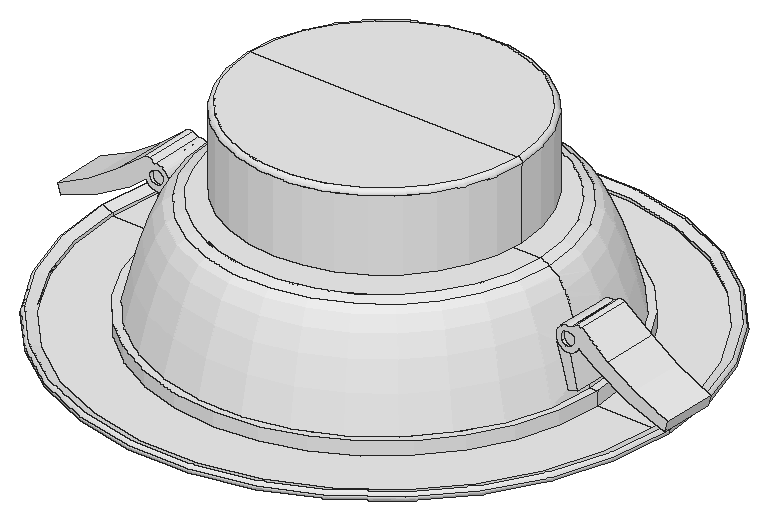
Revit family "Radian NEW 15", category Осветительные приборы, Revit 2017
Family settings
  Основа = Потолок
  Размер круглого соединителя = Использовать диаметр
  Тип детали = Нормальный
  Номер OmniClass = 23.80.70.11
  Заголовок OmniClass = Luminaries for Internal Lighting
  Всегда вертикально = Да
  При загрузке вырезать с полостями = Нет
  Источник света = Да
  Общий = Нет
  Точка расчета площади = Нет
Parameters (values of type "Radian NEW 15-10-Д-3.0К")
  Wattage = 5.74922 W
  built-in parameter 1150110 = 1 (stored number, unit not read)
  built-in parameter 1114217 = 1 (stored number, unit not read)
  Tilt Angle = 90.00°
  built-in parameter 1150109 = 1 (stored number, unit not read)
  built-in parameter 1150134 = (empty or 0)
  built-in parameter 1150113 = 1 (stored number, unit not read)
  Файл фотометрической сетки = "Radian NEW 15-10-D-3.0K-03.ies"
  built-in parameter 1150142 = "IESNA:LM-63-1995\r\n[TEST]LEDEL\r\n[DATA]28.10.2017\r\n[MANUFAC]LEDEL\r\n[LUMCAT]Radian NEW 15/10/Д/3.0К/03 \r\n[LUMINAIRE]Для освещения офисных и жилых помещений, а также  декоративной подсветки\r\n[LAMPCAT]LED\r\n[LAMP]SEOUL \r\nTILT=NONE\r\n\r\n1 854 1.0035252643948 37 19 1 2  -0.190  -0.190  0.063\r\n\r\n1 1 10\r\n\r\n 0 2.5 5 7.5 10 12.5 15 17.5 20 22.5 25 27.5 30 32.5 35 37.5 40 42.5 45 47.5 50 52.5 55 57.5 60 62.5 65 67.5 70 72.5 75 77.5 80 82.5\r\n 85 87.5 90\r\n\r\n  0 10 20 30 40 50 60 70 80 90 100 110 120 130 140 150 160 170 180\r\n\r\n  351 351 350 347 344 339 333 327 319 310 301 291 280 269 257\r\n  244 231 218 204 190 177 163 150 136 123 110 98 86 73 62\r\n  50 39 28 19 11 5 3\r\n  352 352 350 348 344 339 334 327 320 311 302 292 281 270 258\r\n  246 233 219 207 192 179 165 152 138 125 112 100 87 75 63\r\n  51 40 29 19 11 6 3\r\n  351 351 350 347 344 339 333 327 319 310 302 292 281 269 257\r\n  244 231 218 204 190 177 163 150 137 124 111 98 86 73 61\r\n  50 38 28 19 11 6 2\r\n  351 351 350 347 344 339 333 327 319 310 301 291 280 269 257\r\n  244 231 218 204 190 177 163 150 136 123 110 98 86 73 62\r\n  50 39 28 19 11 5 3\r\n  351 351 350 347 344 339 334 327 319 310 300 291 280 268 256\r\n  244 231 217 204 190 176 163 149 136 123 110 97 84 72 60\r\n  49 37 27 18 10 4 2\r\n  350 350 349 347 343 339 333 327 319 311 301 291 279 268 255\r\n  243 229 216 202 189 175 161 149 135 123 110 97 85 72 60\r\n  49 38 28 18 11 5 2\r\n  351 351 349 347 343 339 333 326 318 309 300 288 278 266 254\r\n  241 228 215 202 188 174 160 148 134 121 109 96 84 72 60\r\n  48 37 27 18 11 4 2\r\n  349 349 348 346 342 337 332 325 317 309 299 288 278 266 253\r\n  241 227 214 201 187 173 160 147 134 121 108 95 83 71 59\r\n  48 36 26 17 9 4 2\r\n  349 349 347 345 341 336 330 324 316 307 297 287 275 262 250\r\n  237 223 209 197 184 170 157 144 131 119 106 94 82 69 57\r\n  46 35 26 16 9 4 2\r\n  350 350 347 345 341 336 330 323 315 306 296 286 275 262 250\r\n  237 224 210 197 184 170 157 144 131 118 106 93 80 68 56\r\n  45 34 25 15 8 4 2\r\n  349 349 346 343 339 334 328 320 313 303 294 283 272 260 247\r\n  235 222 208 195 181 167 154 140 127 114 101 89 76 65 53\r\n  42 31 21 13 7 3 3\r\n  349 348 346 343 339 334 327 321 313 303 294 283 272 260 247\r\n  235 222 208 194 180 166 153 139 127 114 101 89 77 65 53\r\n  42 31 22 14 7 4 3\r\n  351 350 349 345 341 336 330 322 314 305 295 284 272 260 248\r\n  236 222 209 195 181 167 153 139 126 113 100 88 75 63 51\r\n  40 30 20 12 6 4 2\r\n  350 349 347 344 340 334 328 320 312 304 293 283 272 260 247\r\n  234 221 208 194 180 166 152 138 125 112 99 87 74 62 51\r\n  39 29 19 11 6 4 3\r\n  351 351 349 345 341 335 329 321 313 303 293 282 271 258 246\r\n  233 219 206 193 179 166 152 139 126 113 99 87 75 63 51\r\n  40 30 20 12 6 3 2\r\n  351 350 348 345 341 335 329 322 313 304 294 283 272 259 247\r\n  234 221 207 194 180 166 151 139 125 112 99 87 75 63 51\r\n  40 30 20 12 6 4 2\r\n  351 351 349 346 341 336 330 322 314 305 295 284 272 261 248\r\n  235 222 209 196 182 168 155 141 127 114 101 88 75 63 51\r\n  40 29 20 12 6 3 3\r\n  352 351 349 345 340 335 329 322 313 304 294 283 272 260 248\r\n  235 222 209 195 181 167 153 140 126 113 100 87 75 63 52\r\n  40 30 20 12 6 4 3\r\n  351 350 348 345 341 335 329 322 313 304 294 283 272 259 247\r\n  234 221 207 194 180 166 151 139 125 112 99 87 75 63 51\r\n  40 30 20 12 6 4 2\r\n\r\n"
  Lumens = 854 lm
  built-in parameter 1150115 = 1 (stored number, unit not read)
  built-in parameter 1150105 = 67.959 (stored number, unit not read)
  built-in parameter 1150137 = (empty or 0)
  built-in parameter 1150139 = (empty or 0)
  built-in parameter 1150112 = 1 (stored number, unit not read)
  built-in parameter 1150114 = 1 (stored number, unit not read)
  built-in parameter 1150132 = 2
  Комментарии к типоразмеру = "Бытовые"
  built-in parameter 1150102 = (empty or 0)
  built-in parameter 1150138 = (empty or 0)
  built-in parameter 1150107 = 3000 (stored number, unit not read)
  built-in parameter 1150106 = 0.67959 (stored number, unit not read)
  Emit from Circle Diameter = 134.00 mm  # constant formula
  Изготовитель = "LEDEL"
  Emit Shape Visible in Rendering = yes
  built-in parameter 1150104 = 13.8 (stored number, unit not read)
  Dimming Lamp Color Temperature Shift = (empty or 0)
  Color Filter = 16777215
  built-in parameter 1114218 = 1 (stored number, unit not read)
  built-in parameter 1150133 = 10 (stored number, unit not read)
  Apparent Load = 10 VA
  Артикул = "203201000833400"
Types (4, lengths in mm): name | built-in parameter 1150134 | Файл фотометрической сетки | built-in parameter 1150142 | built-in parameter 1150107 | Артикул
  (no name) | (empty or 0) | "Radian NEW 15-10-D-3.0K-03.ies" | "IESNA:LM-63-1995\r\n[TEST]LEDEL\r\n[DATA]28.10.2017\r\n[MANUFAC]LEDEL\r\n[LUMCAT]Radian NEW 15/10/Д/3.0К/03 \r\n[LUMINAIRE]Для освещения офисных и жилых помещений, а также  декоративной подсветки\r\n[LAMPCAT]LED\r\n[LAMP]SEOUL \r\nTILT=NONE\r\n\r\n1 854 1.0035252643948 37 19 1 2  -0.190  -0.190  0.063\r\n\r\n1 1 10\r\n\r\n 0 2.5 5 7.5 10 12.5 15 17.5 20 22.5 25 27.5 30 32.5 35 37.5 40 42.5 45 47.5 50 52.5 55 57.5 60 62.5 65 67.5 70 72.5 75 77.5 80 82.5\r\n 85 87.5 90\r\n\r\n  0 10 20 30 40 50 60 70 80 90 100 110 120 130 140 150 160 170 180\r\n\r\n  351 351 350 347 344 339 333 327 319 310 301 291 280 269 257\r\n  244 231 218 204 190 177 163 150 136 123 110 98 86 73 62\r\n  50 39 28 19 11 5 3\r\n  352 352 350 348 344 339 334 327 320 311 302 292 281 270 258\r\n  246 233 219 207 192 179 165 152 138 125 112 100 87 75 63\r\n  51 40 29 19 11 6 3\r\n  351 351 350 347 344 339 333 327 319 310 302 292 281 269 257\r\n  244 231 218 204 190 177 163 150 137 124 111 98 86 73 61\r\n  50 38 28 19 11 6 2\r\n  351 351 350 347 344 339 333 327 319 310 301 291 280 269 257\r\n  244 231 218 204 190 177 163 150 136 123 110 98 86 73 62\r\n  50 39 28 19 11 5 3\r\n  351 351 350 347 344 339 334 327 319 310 300 291 280 268 256\r\n  244 231 217 204 190 176 163 149 136 123 110 97 84 72 60\r\n  49 37 27 18 10 4 2\r\n  350 350 349 347 343 339 333 327 319 311 301 291 279 268 255\r\n  243 229 216 202 189 175 161 149 135 123 110 97 85 72 60\r\n  49 38 28 18 11 5 2\r\n  351 351 349 347 343 339 333 326 318 309 300 288 278 266 254\r\n  241 228 215 202 188 174 160 148 134 121 109 96 84 72 60\r\n  48 37 27 18 11 4 2\r\n  349 349 348 346 342 337 332 325 317 309 299 288 278 266 253\r\n  241 227 214 201 187 173 160 147 134 121 108 95 83 71 59\r\n  48 36 26 17 9 4 2\r\n  349 349 347 345 341 336 330 324 316 307 297 287 275 262 250\r\n  237 223 209 197 184 170 157 144 131 119 106 94 82 69 57\r\n  46 35 26 16 9 4 2\r\n  350 350 347 345 341 336 330 323 315 306 296 286 275 262 250\r\n  237 224 210 197 184 170 157 144 131 118 106 93 80 68 56\r\n  45 34 25 15 8 4 2\r\n  349 349 346 343 339 334 328 320 313 303 294 283 272 260 247\r\n  235 222 208 195 181 167 154 140 127 114 101 89 76 65 53\r\n  42 31 21 13 7 3 3\r\n  349 348 346 343 339 334 327 321 313 303 294 283 272 260 247\r\n  235 222 208 194 180 166 153 139 127 114 101 89 77 65 53\r\n  42 31 22 14 7 4 3\r\n  351 350 349 345 341 336 330 322 314 305 295 284 272 260 248\r\n  236 222 209 195 181 167 153 139 126 113 100 88 75 63 51\r\n  40 30 20 12 6 4 2\r\n  350 349 347 344 340 334 328 320 312 304 293 283 272 260 247\r\n  234 221 208 194 180 166 152 138 125 112 99 87 74 62 51\r\n  39 29 19 11 6 4 3\r\n  351 351 349 345 341 335 329 321 313 303 293 282 271 258 246\r\n  233 219 206 193 179 166 152 139 126 113 99 87 75 63 51\r\n  40 30 20 12 6 3 2\r\n  351 350 348 345 341 335 329 322 313 304 294 283 272 259 247\r\n  234 221 207 194 180 166 151 139 125 112 99 87 75 63 51\r\n  40 30 20 12 6 4 2\r\n  351 351 349 346 341 336 330 322 314 305 295 284 272 261 248\r\n  235 222 209 196 182 168 155 141 127 114 101 88 75 63 51\r\n  40 29 20 12 6 3 3\r\n  352 351 349 345 340 335 329 322 313 304 294 283 272 260 248\r\n  235 222 209 195 181 167 153 140 126 113 100 87 75 63 52\r\n  40 30 20 12 6 4 3\r\n  351 350 348 345 341 335 329 322 313 304 294 283 272 259 247\r\n  234 221 207 194 180 166 151 139 125 112 99 87 75 63 51\r\n  40 30 20 12 6 4 2\r\n\r\n" | 3000 (stored number, unit not read) | "203201000833400"
  Radian NEW 15-10-Д-3.0К | (empty or 0) | "Radian NEW 15-10-D-3.0K-03.ies" | "IESNA:LM-63-1995\r\n[TEST]LEDEL\r\n[DATA]28.10.2017\r\n[MANUFAC]LEDEL\r\n[LUMCAT]Radian NEW 15/10/Д/3.0К/03 \r\n[LUMINAIRE]Для освещения офисных и жилых помещений, а также  декоративной подсветки\r\n[LAMPCAT]LED\r\n[LAMP]SEOUL \r\nTILT=NONE\r\n\r\n1 854 1.0035252643948 37 19 1 2  -0.190  -0.190  0.063\r\n\r\n1 1 10\r\n\r\n 0 2.5 5 7.5 10 12.5 15 17.5 20 22.5 25 27.5 30 32.5 35 37.5 40 42.5 45 47.5 50 52.5 55 57.5 60 62.5 65 67.5 70 72.5 75 77.5 80 82.5\r\n 85 87.5 90\r\n\r\n  0 10 20 30 40 50 60 70 80 90 100 110 120 130 140 150 160 170 180\r\n\r\n  351 351 350 347 344 339 333 327 319 310 301 291 280 269 257\r\n  244 231 218 204 190 177 163 150 136 123 110 98 86 73 62\r\n  50 39 28 19 11 5 3\r\n  352 352 350 348 344 339 334 327 320 311 302 292 281 270 258\r\n  246 233 219 207 192 179 165 152 138 125 112 100 87 75 63\r\n  51 40 29 19 11 6 3\r\n  351 351 350 347 344 339 333 327 319 310 302 292 281 269 257\r\n  244 231 218 204 190 177 163 150 137 124 111 98 86 73 61\r\n  50 38 28 19 11 6 2\r\n  351 351 350 347 344 339 333 327 319 310 301 291 280 269 257\r\n  244 231 218 204 190 177 163 150 136 123 110 98 86 73 62\r\n  50 39 28 19 11 5 3\r\n  351 351 350 347 344 339 334 327 319 310 300 291 280 268 256\r\n  244 231 217 204 190 176 163 149 136 123 110 97 84 72 60\r\n  49 37 27 18 10 4 2\r\n  350 350 349 347 343 339 333 327 319 311 301 291 279 268 255\r\n  243 229 216 202 189 175 161 149 135 123 110 97 85 72 60\r\n  49 38 28 18 11 5 2\r\n  351 351 349 347 343 339 333 326 318 309 300 288 278 266 254\r\n  241 228 215 202 188 174 160 148 134 121 109 96 84 72 60\r\n  48 37 27 18 11 4 2\r\n  349 349 348 346 342 337 332 325 317 309 299 288 278 266 253\r\n  241 227 214 201 187 173 160 147 134 121 108 95 83 71 59\r\n  48 36 26 17 9 4 2\r\n  349 349 347 345 341 336 330 324 316 307 297 287 275 262 250\r\n  237 223 209 197 184 170 157 144 131 119 106 94 82 69 57\r\n  46 35 26 16 9 4 2\r\n  350 350 347 345 341 336 330 323 315 306 296 286 275 262 250\r\n  237 224 210 197 184 170 157 144 131 118 106 93 80 68 56\r\n  45 34 25 15 8 4 2\r\n  349 349 346 343 339 334 328 320 313 303 294 283 272 260 247\r\n  235 222 208 195 181 167 154 140 127 114 101 89 76 65 53\r\n  42 31 21 13 7 3 3\r\n  349 348 346 343 339 334 327 321 313 303 294 283 272 260 247\r\n  235 222 208 194 180 166 153 139 127 114 101 89 77 65 53\r\n  42 31 22 14 7 4 3\r\n  351 350 349 345 341 336 330 322 314 305 295 284 272 260 248\r\n  236 222 209 195 181 167 153 139 126 113 100 88 75 63 51\r\n  40 30 20 12 6 4 2\r\n  350 349 347 344 340 334 328 320 312 304 293 283 272 260 247\r\n  234 221 208 194 180 166 152 138 125 112 99 87 74 62 51\r\n  39 29 19 11 6 4 3\r\n  351 351 349 345 341 335 329 321 313 303 293 282 271 258 246\r\n  233 219 206 193 179 166 152 139 126 113 99 87 75 63 51\r\n  40 30 20 12 6 3 2\r\n  351 350 348 345 341 335 329 322 313 304 294 283 272 259 247\r\n  234 221 207 194 180 166 151 139 125 112 99 87 75 63 51\r\n  40 30 20 12 6 4 2\r\n  351 351 349 346 341 336 330 322 314 305 295 284 272 261 248\r\n  235 222 209 196 182 168 155 141 127 114 101 88 75 63 51\r\n  40 29 20 12 6 3 3\r\n  352 351 349 345 340 335 329 322 313 304 294 283 272 260 248\r\n  235 222 209 195 181 167 153 140 126 113 100 87 75 63 52\r\n  40 30 20 12 6 4 3\r\n  351 350 348 345 341 335 329 322 313 304 294 283 272 259 247\r\n  234 221 207 194 180 166 151 139 125 112 99 87 75 63 51\r\n  40 30 20 12 6 4 2\r\n\r\n" | 3000 (stored number, unit not read) | "203201000833400"
  Radian NEW 15-10-Д-5.0К | 2 | "Radian NEW 15-10-D-5.0K-03.ies" | "IESNA:LM-63-1995\r\n[TEST]LEDEL\r\n[DATA]28.10.2017\r\n[MANUFAC]LEDEL\r\n[LUMCAT]Radian NEW 15/10/Д/5.0К/03 \r\n[LUMINAIRE]Для освещения офисных и жилых помещений, а также  декоративной подсветки\r\n[LAMPCAT]LED\r\n[LAMP]SEOUL \r\nTILT=NONE\r\n\r\n1 854 1.0035252643948 37 19 1 2  -0.190  -0.190  0.063\r\n\r\n1 1 10\r\n\r\n 0 2.5 5 7.5 10 12.5 15 17.5 20 22.5 25 27.5 30 32.5 35 37.5 40 42.5 45 47.5 50 52.5 55 57.5 60 62.5 65 67.5 70 72.5 75 77.5 80 82.5\r\n 85 87.5 90\r\n\r\n  0 10 20 30 40 50 60 70 80 90 100 110 120 130 140 150 160 170 180\r\n\r\n  351 351 350 347 344 339 333 327 319 310 301 291 280 269 257\r\n  244 231 218 204 190 177 163 150 136 123 110 98 86 73 62\r\n  50 39 28 19 11 5 3\r\n  352 352 350 348 344 339 334 327 320 311 302 292 281 270 258\r\n  246 233 219 207 192 179 165 152 138 125 112 100 87 75 63\r\n  51 40 29 19 11 6 3\r\n  351 351 350 347 344 339 333 327 319 310 302 292 281 269 257\r\n  244 231 218 204 190 177 163 150 137 124 111 98 86 73 61\r\n  50 38 28 19 11 6 2\r\n  351 351 350 347 344 339 333 327 319 310 301 291 280 269 257\r\n  244 231 218 204 190 177 163 150 136 123 110 98 86 73 62\r\n  50 39 28 19 11 5 3\r\n  351 351 350 347 344 339 334 327 319 310 300 291 280 268 256\r\n  244 231 217 204 190 176 163 149 136 123 110 97 84 72 60\r\n  49 37 27 18 10 4 2\r\n  350 350 349 347 343 339 333 327 319 311 301 291 279 268 255\r\n  243 229 216 202 189 175 161 149 135 123 110 97 85 72 60\r\n  49 38 28 18 11 5 2\r\n  351 351 349 347 343 339 333 326 318 309 300 288 278 266 254\r\n  241 228 215 202 188 174 160 148 134 121 109 96 84 72 60\r\n  48 37 27 18 11 4 2\r\n  349 349 348 346 342 337 332 325 317 309 299 288 278 266 253\r\n  241 227 214 201 187 173 160 147 134 121 108 95 83 71 59\r\n  48 36 26 17 9 4 2\r\n  349 349 347 345 341 336 330 324 316 307 297 287 275 262 250\r\n  237 223 209 197 184 170 157 144 131 119 106 94 82 69 57\r\n  46 35 26 16 9 4 2\r\n  350 350 347 345 341 336 330 323 315 306 296 286 275 262 250\r\n  237 224 210 197 184 170 157 144 131 118 106 93 80 68 56\r\n  45 34 25 15 8 4 2\r\n  349 349 346 343 339 334 328 320 313 303 294 283 272 260 247\r\n  235 222 208 195 181 167 154 140 127 114 101 89 76 65 53\r\n  42 31 21 13 7 3 3\r\n  349 348 346 343 339 334 327 321 313 303 294 283 272 260 247\r\n  235 222 208 194 180 166 153 139 127 114 101 89 77 65 53\r\n  42 31 22 14 7 4 3\r\n  351 350 349 345 341 336 330 322 314 305 295 284 272 260 248\r\n  236 222 209 195 181 167 153 139 126 113 100 88 75 63 51\r\n  40 30 20 12 6 4 2\r\n  350 349 347 344 340 334 328 320 312 304 293 283 272 260 247\r\n  234 221 208 194 180 166 152 138 125 112 99 87 74 62 51\r\n  39 29 19 11 6 4 3\r\n  351 351 349 345 341 335 329 321 313 303 293 282 271 258 246\r\n  233 219 206 193 179 166 152 139 126 113 99 87 75 63 51\r\n  40 30 20 12 6 3 2\r\n  351 350 348 345 341 335 329 322 313 304 294 283 272 259 247\r\n  234 221 207 194 180 166 151 139 125 112 99 87 75 63 51\r\n  40 30 20 12 6 4 2\r\n  351 351 349 346 341 336 330 322 314 305 295 284 272 261 248\r\n  235 222 209 196 182 168 155 141 127 114 101 88 75 63 51\r\n  40 29 20 12 6 3 3\r\n  352 351 349 345 340 335 329 322 313 304 294 283 272 260 248\r\n  235 222 209 195 181 167 153 140 126 113 100 87 75 63 52\r\n  40 30 20 12 6 4 3\r\n  351 350 348 345 341 335 329 322 313 304 294 283 272 259 247\r\n  234 221 207 194 180 166 151 139 125 112 99 87 75 63 51\r\n  40 30 20 12 6 4 2\r\n\r\n" | 5000 (stored number, unit not read) | "203110"
  Radian NEW 15-10-Д-4.0К | 12 | "Radian NEW 15-10-D-4.0K-03.ies" | "IESNA:LM-63-1995\r\n[TEST]LEDEL\r\n[DATA]28.10.2017\r\n[MANUFAC]LEDEL\r\n[LUMCAT]Radian NEW 15/10/Д/4.0К/03 \r\n[LUMINAIRE]Для освещения офисных и жилых помещений, а также  декоративной подсветки\r\n[LAMPCAT]LED\r\n[LAMP]SEOUL \r\nTILT=NONE\r\n\r\n1 854 1.0035252643948 37 19 1 2  -0.190  -0.190  0.063\r\n\r\n1 1 10\r\n\r\n 0 2.5 5 7.5 10 12.5 15 17.5 20 22.5 25 27.5 30 32.5 35 37.5 40 42.5 45 47.5 50 52.5 55 57.5 60 62.5 65 67.5 70 72.5 75 77.5 80 82.5\r\n 85 87.5 90\r\n\r\n  0 10 20 30 40 50 60 70 80 90 100 110 120 130 140 150 160 170 180\r\n\r\n  351 351 350 347 344 339 333 327 319 310 301 291 280 269 257\r\n  244 231 218 204 190 177 163 150 136 123 110 98 86 73 62\r\n  50 39 28 19 11 5 3\r\n  352 352 350 348 344 339 334 327 320 311 302 292 281 270 258\r\n  246 233 219 207 192 179 165 152 138 125 112 100 87 75 63\r\n  51 40 29 19 11 6 3\r\n  351 351 350 347 344 339 333 327 319 310 302 292 281 269 257\r\n  244 231 218 204 190 177 163 150 137 124 111 98 86 73 61\r\n  50 38 28 19 11 6 2\r\n  351 351 350 347 344 339 333 327 319 310 301 291 280 269 257\r\n  244 231 218 204 190 177 163 150 136 123 110 98 86 73 62\r\n  50 39 28 19 11 5 3\r\n  351 351 350 347 344 339 334 327 319 310 300 291 280 268 256\r\n  244 231 217 204 190 176 163 149 136 123 110 97 84 72 60\r\n  49 37 27 18 10 4 2\r\n  350 350 349 347 343 339 333 327 319 311 301 291 279 268 255\r\n  243 229 216 202 189 175 161 149 135 123 110 97 85 72 60\r\n  49 38 28 18 11 5 2\r\n  351 351 349 347 343 339 333 326 318 309 300 288 278 266 254\r\n  241 228 215 202 188 174 160 148 134 121 109 96 84 72 60\r\n  48 37 27 18 11 4 2\r\n  349 349 348 346 342 337 332 325 317 309 299 288 278 266 253\r\n  241 227 214 201 187 173 160 147 134 121 108 95 83 71 59\r\n  48 36 26 17 9 4 2\r\n  349 349 347 345 341 336 330 324 316 307 297 287 275 262 250\r\n  237 223 209 197 184 170 157 144 131 119 106 94 82 69 57\r\n  46 35 26 16 9 4 2\r\n  350 350 347 345 341 336 330 323 315 306 296 286 275 262 250\r\n  237 224 210 197 184 170 157 144 131 118 106 93 80 68 56\r\n  45 34 25 15 8 4 2\r\n  349 349 346 343 339 334 328 320 313 303 294 283 272 260 247\r\n  235 222 208 195 181 167 154 140 127 114 101 89 76 65 53\r\n  42 31 21 13 7 3 3\r\n  349 348 346 343 339 334 327 321 313 303 294 283 272 260 247\r\n  235 222 208 194 180 166 153 139 127 114 101 89 77 65 53\r\n  42 31 22 14 7 4 3\r\n  351 350 349 345 341 336 330 322 314 305 295 284 272 260 248\r\n  236 222 209 195 181 167 153 139 126 113 100 88 75 63 51\r\n  40 30 20 12 6 4 2\r\n  350 349 347 344 340 334 328 320 312 304 293 283 272 260 247\r\n  234 221 208 194 180 166 152 138 125 112 99 87 74 62 51\r\n  39 29 19 11 6 4 3\r\n  351 351 349 345 341 335 329 321 313 303 293 282 271 258 246\r\n  233 219 206 193 179 166 152 139 126 113 99 87 75 63 51\r\n  40 30 20 12 6 3 2\r\n  351 350 348 345 341 335 329 322 313 304 294 283 272 259 247\r\n  234 221 207 194 180 166 151 139 125 112 99 87 75 63 51\r\n  40 30 20 12 6 4 2\r\n  351 351 349 346 341 336 330 322 314 305 295 284 272 261 248\r\n  235 222 209 196 182 168 155 141 127 114 101 88 75 63 51\r\n  40 29 20 12 6 3 3\r\n  352 351 349 345 340 335 329 322 313 304 294 283 272 260 248\r\n  235 222 209 195 181 167 153 140 126 113 100 87 75 63 52\r\n  40 30 20 12 6 4 3\r\n  351 350 348 345 341 335 329 322 313 304 294 283 272 259 247\r\n  234 221 207 194 180 166 151 139 125 112 99 87 75 63 51\r\n  40 30 20 12 6 4 2\r\n\r\n" | 4000 (stored number, unit not read) | "203201000843400"
Reference planes
  plane 1 "Light Source Axis (F/B)": y = 0
  plane 2 "Ceiling": z = 2438.4
  plane 3 "Light Source Axis (L/R)": x = 0
  plane 4 "Light Source Elevation": z = 2435.047
Forms (mm)
  Revolve 1, solid, material "Aluminum"
    sketch origin (0, 0, -2.5) x (1, 0, 0) y (0, 0, 1)
      loop
        line (0, 2437.547) -> (0, 2505.604) -> (-44.405, 2505.604)
        arc (-44.405, 2505.604) -> (-45.466, 2505.165) -> (-45.905, 2504.104) r 1.5
        line (-45.905, 2504.104) -> (-45.905, 2480.604) -> (-40.205, 2480.604) -> (-40.205, 2478.11) -> (-51.905, 2478.11) -> (-55.1, 2476.947)
        spline (-55.1, 2476.947) -> (-56.111, 2476.48) -> (-57.141, 2475.614) -> (-58.191, 2474.35) -> (-59.259, 2472.687) -> (-60.347, 2470.627) -> (-61.454, 2468.167) -> (-62.581, 2465.31) -> (-63.726, 2462.054) -> (-64.891, 2458.4) -> (-66.075, 2454.347) -> (-67.278, 2449.897) -> (-68.5, 2445.047)
        line (-68.5, 2445.047) -> (-71, 2445.047) -> (-71, 2440.747) -> (-90.454, 2440.747) -> (-90.454, 2441.547) -> (-93.5, 2442.747)
        spline (-93.5, 2442.747) -> (-93.59, 2442.772) -> (-93.68, 2442.776) -> (-93.771, 2442.758) -> (-93.862, 2442.72) -> (-93.953, 2442.66) -> (-94.045, 2442.579) -> (-94.137, 2442.476) -> (-94.229, 2442.353) -> (-94.321, 2442.208) -> (-94.414, 2442.043) -> (-94.507, 2441.856) -> (-94.6, 2441.647)
        arc (-94.6, 2441.647) -> (-94.603, 2440.9) -> (-94.1, 2440.347) r 1.03
        line (-94.1, 2440.347) -> (-90.8, 2439.047) -> (-76.177, 2437.547) -> (0, 2437.547)
      axis (0, 2437.547) -> (0, 2505.604)
    angle from 0 to 360
  Extrusion 2, solid, material "Aluminum"
    sketch origin (-540.812, 0, 45.525) x (0.978148, 0, -0.207912) y (0.207912, 0, 0.978148)
      loop
        line (-30.633, 2445.776) -> (-30.633, 2459.237) -> (-36.789, 2459.237) -> (-36.789, 2461.283)
        arc (-36.789, 2461.283) -> (-43.111, 2463.245) -> (-39.336, 2457.808) r 3.5
        line (-39.336, 2457.808) -> (-39.336, 2445.776) -> (-30.633, 2445.776)
    from -8 to 8
  Extrusion 3, solid, material "Aluminum"
    sketch origin (-28.089, 0, 0.225) x (1, 0, 0) y (0, 0, 1)
      loop
        arc (-43.944, 2459.231) -> (-36.784, 2459.181) -> (-41.055, 2464.928) r 4
        line (-41.055, 2464.928) -> (-42.879, 2465.847)
        arc (-42.879, 2465.847) -> (-43.809, 2466.023) -> (-44.692, 2465.68) r 1.718
        line (-44.692, 2465.68) -> (-53.625, 2458.885)
        spline (-53.625, 2458.885) -> (-55.051, 2457.828) -> (-56.516, 2456.797) -> (-58.022, 2455.79) -> (-59.568, 2454.808) -> (-61.154, 2453.851) -> (-62.781, 2452.919) -> (-64.449, 2452.012) -> (-66.157, 2451.131) -> (-67.906, 2450.274) -> (-69.695, 2449.443) -> (-71.526, 2448.637) -> (-73.397, 2447.856)
        line (-73.397, 2447.856) -> (-72.289, 2444.498)
        spline (-72.289, 2444.498) -> (-70.155, 2445.189) -> (-68.061, 2445.915) -> (-66.007, 2446.677) -> (-63.994, 2447.473) -> (-62.022, 2448.304) -> (-60.09, 2449.171) -> (-58.199, 2450.072) -> (-56.349, 2451.009) -> (-54.541, 2451.981) -> (-52.773, 2452.989) -> (-51.047, 2454.032) -> (-49.362, 2455.11)
        line (-49.362, 2455.11) -> (-43.944, 2459.231)
      loop
        circle (-40.352, 2460.99) r 2.3
    from -9 to 9
  Extrusion 4, solid, material "Aluminum"
    sketch origin (540.812, 0, 45.525) x (-0.978148, 0, -0.207912) y (0.207912, 0, -0.978148)
      loop
        line (-30.633, -2445.776) -> (-39.336, -2445.776) -> (-39.336, -2457.808)
        arc (-39.336, -2457.808) -> (-43.111, -2463.245) -> (-36.789, -2461.283) r 3.5
        line (-36.789, -2461.283) -> (-36.789, -2459.237) -> (-30.633, -2459.237) -> (-30.633, -2445.776)
    from -8 to 8
  Extrusion 5, solid, material "Aluminum"
    sketch origin (28.089, 0, 0.225) x (-1, 0, 0) y (0, 0, -1)
      loop
        line (-43.944, -2459.231) -> (-49.362, -2455.11)
        spline (-49.362, -2455.11) -> (-51.047, -2454.032) -> (-52.773, -2452.989) -> (-54.541, -2451.981) -> (-56.349, -2451.009) -> (-58.199, -2450.072) -> (-60.09, -2449.171) -> (-62.022, -2448.304) -> (-63.994, -2447.473) -> (-66.007, -2446.677) -> (-68.061, -2445.915) -> (-70.155, -2445.189) -> (-72.289, -2444.498)
        line (-72.289, -2444.498) -> (-73.397, -2447.856)
        spline (-73.397, -2447.856) -> (-71.526, -2448.637) -> (-69.695, -2449.443) -> (-67.906, -2450.274) -> (-66.157, -2451.131) -> (-64.449, -2452.012) -> (-62.781, -2452.919) -> (-61.154, -2453.851) -> (-59.568, -2454.808) -> (-58.022, -2455.79) -> (-56.516, -2456.797) -> (-55.051, -2457.828) -> (-53.625, -2458.885)
        line (-53.625, -2458.885) -> (-44.692, -2465.68)
        arc (-44.692, -2465.68) -> (-43.809, -2466.023) -> (-42.879, -2465.847) r 1.718
        line (-42.879, -2465.847) -> (-41.055, -2464.928)
        arc (-41.055, -2464.928) -> (-36.784, -2459.181) -> (-43.944, -2459.231) r 4
      loop
        circle (-40.352, -2460.99) r 2.3
    from -9 to 9
Cuts and joins
  joined: Revolve 1, Extrusion 2, Extrusion 4
Dimensions and locks
  equal spacing: host sketch curve, plane 3 "Light Source Axis (L/R)", host sketch curve
  equal spacing: host sketch curve, plane 1 "Light Source Axis (F/B)", host sketch curve
  host sketch curve to host sketch curve = 3048.00 mm  (x2)
  aligned and locked: plane 3 "Light Source Axis (L/R)" to imposter light
  aligned and locked: plane 1 "Light Source Axis (F/B)" to imposter light
  aligned and locked: plane 4 "Light Source Elevation" to imposter light
Connectors
  electrical at (0, 0, 2475.61), driven by "Apparent Load"
    settings: on cut or joined group of Revolve 1, Extrusion 2, Extrusion 4, index 1, voltage 230 V, apparent load 10 VA, apparent load phase1 0 VA, apparent load phase2 0 VA, apparent load phase3 0 VA, power factor 1, load classification "Other", number of poles 1, system type 30, power factor state 1, is connector primary yes, connector utility no, sub classification motor no, connector description ""
